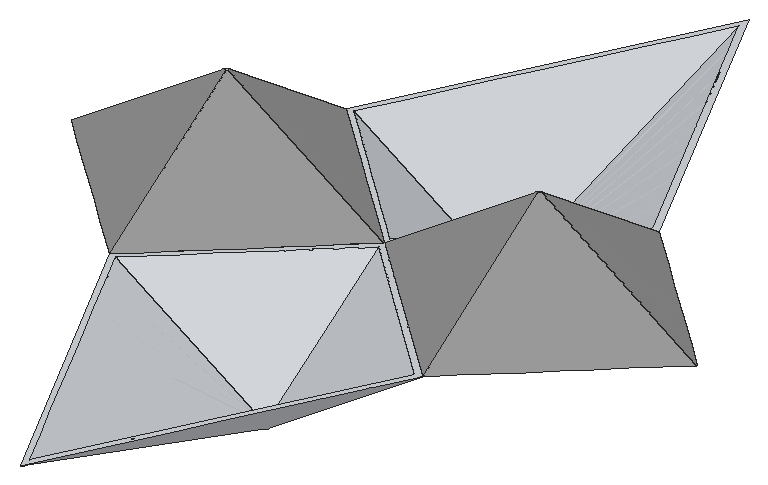
Revit family "CLD-FCT-016_KITE_RTV", category Modelos genéricos, Revit 2022 (continued)
Forms (in)
  Extrusion 209, solid, not visible
    sketch origin (0, 48, 0) x (0, 1, 0) y (0, 0, 1)
      loop
        line (0.42221, 1.66259) -> (0.42231, 0.67354)
        arc (0.42231, 0.67354) -> (0.41009, 0.64403) -> (0.38057, 0.6318) r 0.04174
        line (0.38057, 0.6318) -> (-0.00639, 0.6318) -> (-0.00639, 0.59057) -> (0.8874, 0.59057) -> (0.8874, 0.6318) -> (0.49998, 0.6318)
        arc (0.49998, 0.6318) -> (0.47046, 0.64403) -> (0.45824, 0.67354) r 0.04174
        line (0.45824, 0.67354) -> (0.45834, 1.66259)
        arc (0.45834, 1.66259) -> (0.46543, 1.67969) -> (0.48252, 1.68677) r 0.02418
        line (0.48252, 1.68677) -> (0.52252, 1.68677)
        arc (0.52252, 1.68677) -> (0.55303, 1.69941) -> (0.56566, 1.72991) r 0.04314
        line (0.56566, 1.72991) -> (0.56566, 2.14095)
        arc (0.56566, 2.14095) -> (0.5626, 2.15637) -> (0.55386, 2.16944) r 0.04029
        line (0.55386, 2.16944) -> (0.47053, 2.25277)
        arc (0.47053, 2.25277) -> (0.44027, 2.2653) -> (0.41002, 2.25277) r 0.04279
        line (0.41002, 2.25277) -> (0.32669, 2.16944)
        arc (0.32669, 2.16944) -> (0.31795, 2.15637) -> (0.31489, 2.14095) r 0.04029
        line (0.31489, 2.14095) -> (0.31489, 1.72991)
        arc (0.31489, 1.72991) -> (0.32752, 1.69941) -> (0.35803, 1.68677) r 0.04314
        line (0.35803, 1.68677) -> (0.39803, 1.68677)
        arc (0.39803, 1.68677) -> (0.41512, 1.67969) -> (0.42221, 1.66259) r 0.02418
      loop
        arc (0.33294, 1.7291) -> (0.34005, 1.71194) -> (0.35722, 1.70483) r 0.02428
        line (0.35722, 1.70483) -> (0.39815, 1.70483)
        arc (0.39815, 1.70483) -> (0.42797, 1.69248) -> (0.44023, 1.66266) r 0.04217
        arc (0.44023, 1.66266) -> (0.45258, 1.69248) -> (0.4824, 1.70483) r 0.04217
        line (0.4824, 1.70483) -> (0.52333, 1.70483)
        arc (0.52333, 1.70483) -> (0.54049, 1.71194) -> (0.54761, 1.7291) r 0.02428
        line (0.54761, 1.7291) -> (0.54761, 2.15016) -> (0.45704, 2.24072)
        arc (0.45704, 2.24072) -> (0.44027, 2.24767) -> (0.42351, 2.24072) r 0.02371
        line (0.42351, 2.24072) -> (0.33294, 2.15016) -> (0.33294, 1.7291)
    from 0 to 96.9361
  Extrusion 210, solid, not visible
    sketch origin (0, 72, 0) x (0, 1, 0) y (0, 0, 1)
      loop
        line (0.42221, 1.66259) -> (0.42231, 0.67354)
        arc (0.42231, 0.67354) -> (0.41009, 0.64403) -> (0.38057, 0.6318) r 0.04174
        line (0.38057, 0.6318) -> (-0.00639, 0.6318) -> (-0.00639, 0.59057) -> (0.8874, 0.59057) -> (0.8874, 0.6318) -> (0.49998, 0.6318)
        arc (0.49998, 0.6318) -> (0.47046, 0.64403) -> (0.45824, 0.67354) r 0.04174
        line (0.45824, 0.67354) -> (0.45834, 1.66259)
        arc (0.45834, 1.66259) -> (0.46543, 1.67969) -> (0.48252, 1.68677) r 0.02418
        line (0.48252, 1.68677) -> (0.52252, 1.68677)
        arc (0.52252, 1.68677) -> (0.55303, 1.69941) -> (0.56566, 1.72991) r 0.04314
        line (0.56566, 1.72991) -> (0.56566, 2.14095)
        arc (0.56566, 2.14095) -> (0.5626, 2.15637) -> (0.55386, 2.16944) r 0.04029
        line (0.55386, 2.16944) -> (0.47053, 2.25277)
        arc (0.47053, 2.25277) -> (0.44027, 2.2653) -> (0.41002, 2.25277) r 0.04279
        line (0.41002, 2.25277) -> (0.32669, 2.16944)
        arc (0.32669, 2.16944) -> (0.31795, 2.15637) -> (0.31489, 2.14095) r 0.04029
        line (0.31489, 2.14095) -> (0.31489, 1.72991)
        arc (0.31489, 1.72991) -> (0.32752, 1.69941) -> (0.35803, 1.68677) r 0.04314
        line (0.35803, 1.68677) -> (0.39803, 1.68677)
        arc (0.39803, 1.68677) -> (0.41512, 1.67969) -> (0.42221, 1.66259) r 0.02418
      loop
        arc (0.33294, 1.7291) -> (0.34005, 1.71194) -> (0.35722, 1.70483) r 0.02428
        line (0.35722, 1.70483) -> (0.39815, 1.70483)
        arc (0.39815, 1.70483) -> (0.42797, 1.69248) -> (0.44023, 1.66266) r 0.04217
        arc (0.44023, 1.66266) -> (0.45258, 1.69248) -> (0.4824, 1.70483) r 0.04217
        line (0.4824, 1.70483) -> (0.52333, 1.70483)
        arc (0.52333, 1.70483) -> (0.54049, 1.71194) -> (0.54761, 1.7291) r 0.02428
        line (0.54761, 1.7291) -> (0.54761, 2.15016) -> (0.45704, 2.24072)
        arc (0.45704, 2.24072) -> (0.44027, 2.24767) -> (0.42351, 2.24072) r 0.02371
        line (0.42351, 2.24072) -> (0.33294, 2.15016) -> (0.33294, 1.7291)
    from 0 to 96.9361
  Extrusion 211, solid, not visible
    sketch origin (0, 96, 0) x (0, 1, 0) y (0, 0, 1)
      loop
        line (0.42221, 1.66259) -> (0.42231, 0.67354)
        arc (0.42231, 0.67354) -> (0.41009, 0.64403) -> (0.38057, 0.6318) r 0.04174
        line (0.38057, 0.6318) -> (-0.00639, 0.6318) -> (-0.00639, 0.59057) -> (0.8874, 0.59057) -> (0.8874, 0.6318) -> (0.49998, 0.6318)
        arc (0.49998, 0.6318) -> (0.47046, 0.64403) -> (0.45824, 0.67354) r 0.04174
        line (0.45824, 0.67354) -> (0.45834, 1.66259)
        arc (0.45834, 1.66259) -> (0.46543, 1.67969) -> (0.48252, 1.68677) r 0.02418
        line (0.48252, 1.68677) -> (0.52252, 1.68677)
        arc (0.52252, 1.68677) -> (0.55303, 1.69941) -> (0.56566, 1.72991) r 0.04314
        line (0.56566, 1.72991) -> (0.56566, 2.14095)
        arc (0.56566, 2.14095) -> (0.5626, 2.15637) -> (0.55386, 2.16944) r 0.04029
        line (0.55386, 2.16944) -> (0.47053, 2.25277)
        arc (0.47053, 2.25277) -> (0.44027, 2.2653) -> (0.41002, 2.25277) r 0.04279
        line (0.41002, 2.25277) -> (0.32669, 2.16944)
        arc (0.32669, 2.16944) -> (0.31795, 2.15637) -> (0.31489, 2.14095) r 0.04029
        line (0.31489, 2.14095) -> (0.31489, 1.72991)
        arc (0.31489, 1.72991) -> (0.32752, 1.69941) -> (0.35803, 1.68677) r 0.04314
        line (0.35803, 1.68677) -> (0.39803, 1.68677)
        arc (0.39803, 1.68677) -> (0.41512, 1.67969) -> (0.42221, 1.66259) r 0.02418
      loop
        arc (0.33294, 1.7291) -> (0.34005, 1.71194) -> (0.35722, 1.70483) r 0.02428
        line (0.35722, 1.70483) -> (0.39815, 1.70483)
        arc (0.39815, 1.70483) -> (0.42797, 1.69248) -> (0.44023, 1.66266) r 0.04217
        arc (0.44023, 1.66266) -> (0.45258, 1.69248) -> (0.4824, 1.70483) r 0.04217
        line (0.4824, 1.70483) -> (0.52333, 1.70483)
        arc (0.52333, 1.70483) -> (0.54049, 1.71194) -> (0.54761, 1.7291) r 0.02428
        line (0.54761, 1.7291) -> (0.54761, 2.15016) -> (0.45704, 2.24072)
        arc (0.45704, 2.24072) -> (0.44027, 2.24767) -> (0.42351, 2.24072) r 0.02371
        line (0.42351, 2.24072) -> (0.33294, 2.15016) -> (0.33294, 1.7291)
    from 0 to 96.9361
  Extrusion 212, solid, not visible
    sketch origin (48.02754, 154.90856, 0) x (1, 0, 0) y (0, 0, 1)
      loop
        line (0.42221, 1.66259) -> (0.42231, 0.67354)
        arc (0.42231, 0.67354) -> (0.41009, 0.64403) -> (0.38057, 0.6318) r 0.04174
        line (0.38057, 0.6318) -> (-0.00639, 0.6318) -> (-0.00639, 0.59057) -> (0.8874, 0.59057) -> (0.8874, 0.6318) -> (0.49998, 0.6318)
        arc (0.49998, 0.6318) -> (0.47046, 0.64403) -> (0.45824, 0.67354) r 0.04174
        line (0.45824, 0.67354) -> (0.45834, 1.66259)
        arc (0.45834, 1.66259) -> (0.46543, 1.67969) -> (0.48252, 1.68677) r 0.02418
        line (0.48252, 1.68677) -> (0.52252, 1.68677)
        arc (0.52252, 1.68677) -> (0.55303, 1.69941) -> (0.56566, 1.72991) r 0.04314
        line (0.56566, 1.72991) -> (0.56566, 2.14095)
        arc (0.56566, 2.14095) -> (0.5626, 2.15637) -> (0.55386, 2.16944) r 0.04029
        line (0.55386, 2.16944) -> (0.47053, 2.25277)
        arc (0.47053, 2.25277) -> (0.44027, 2.2653) -> (0.41002, 2.25277) r 0.04279
        line (0.41002, 2.25277) -> (0.32669, 2.16944)
        arc (0.32669, 2.16944) -> (0.31795, 2.15637) -> (0.31489, 2.14095) r 0.04029
        line (0.31489, 2.14095) -> (0.31489, 1.72991)
        arc (0.31489, 1.72991) -> (0.32752, 1.69941) -> (0.35803, 1.68677) r 0.04314
        line (0.35803, 1.68677) -> (0.39803, 1.68677)
        arc (0.39803, 1.68677) -> (0.41512, 1.67969) -> (0.42221, 1.66259) r 0.02418
      loop
        arc (0.33294, 1.7291) -> (0.34005, 1.71194) -> (0.35722, 1.70483) r 0.02428
        line (0.35722, 1.70483) -> (0.39815, 1.70483)
        arc (0.39815, 1.70483) -> (0.42797, 1.69248) -> (0.44023, 1.66266) r 0.04217
        arc (0.44023, 1.66266) -> (0.45258, 1.69248) -> (0.4824, 1.70483) r 0.04217
        line (0.4824, 1.70483) -> (0.52333, 1.70483)
        arc (0.52333, 1.70483) -> (0.54049, 1.71194) -> (0.54761, 1.7291) r 0.02428
        line (0.54761, 1.7291) -> (0.54761, 2.15016) -> (0.45704, 2.24072)
        arc (0.45704, 2.24072) -> (0.44027, 2.24767) -> (0.42351, 2.24072) r 0.02371
        line (0.42351, 2.24072) -> (0.33294, 2.15016) -> (0.33294, 1.7291)
    from 58.93614 to 81.99864
  Extrusion 213, solid, not visible
    sketch origin (72.02767, 154.90856, 0) x (1, 0, 0) y (0, 0, 1)
      loop
        line (0.42221, 1.66259) -> (0.42231, 0.67354)
        arc (0.42231, 0.67354) -> (0.41009, 0.64403) -> (0.38057, 0.6318) r 0.04174
        line (0.38057, 0.6318) -> (-0.00639, 0.6318) -> (-0.00639, 0.59057) -> (0.8874, 0.59057) -> (0.8874, 0.6318) -> (0.49998, 0.6318)
        arc (0.49998, 0.6318) -> (0.47046, 0.64403) -> (0.45824, 0.67354) r 0.04174
        line (0.45824, 0.67354) -> (0.45834, 1.66259)
        arc (0.45834, 1.66259) -> (0.46543, 1.67969) -> (0.48252, 1.68677) r 0.02418
        line (0.48252, 1.68677) -> (0.52252, 1.68677)
        arc (0.52252, 1.68677) -> (0.55303, 1.69941) -> (0.56566, 1.72991) r 0.04314
        line (0.56566, 1.72991) -> (0.56566, 2.14095)
        arc (0.56566, 2.14095) -> (0.5626, 2.15637) -> (0.55386, 2.16944) r 0.04029
        line (0.55386, 2.16944) -> (0.47053, 2.25277)
        arc (0.47053, 2.25277) -> (0.44027, 2.2653) -> (0.41002, 2.25277) r 0.04279
        line (0.41002, 2.25277) -> (0.32669, 2.16944)
        arc (0.32669, 2.16944) -> (0.31795, 2.15637) -> (0.31489, 2.14095) r 0.04029
        line (0.31489, 2.14095) -> (0.31489, 1.72991)
        arc (0.31489, 1.72991) -> (0.32752, 1.69941) -> (0.35803, 1.68677) r 0.04314
        line (0.35803, 1.68677) -> (0.39803, 1.68677)
        arc (0.39803, 1.68677) -> (0.41512, 1.67969) -> (0.42221, 1.66259) r 0.02418
      loop
        arc (0.33294, 1.7291) -> (0.34005, 1.71194) -> (0.35722, 1.70483) r 0.02428
        line (0.35722, 1.70483) -> (0.39815, 1.70483)
        arc (0.39815, 1.70483) -> (0.42797, 1.69248) -> (0.44023, 1.66266) r 0.04217
        arc (0.44023, 1.66266) -> (0.45258, 1.69248) -> (0.4824, 1.70483) r 0.04217
        line (0.4824, 1.70483) -> (0.52333, 1.70483)
        arc (0.52333, 1.70483) -> (0.54049, 1.71194) -> (0.54761, 1.7291) r 0.02428
        line (0.54761, 1.7291) -> (0.54761, 2.15016) -> (0.45704, 2.24072)
        arc (0.45704, 2.24072) -> (0.44027, 2.24767) -> (0.42351, 2.24072) r 0.02371
        line (0.42351, 2.24072) -> (0.33294, 2.15016) -> (0.33294, 1.7291)
    from 58.93614 to 81.99864
  Extrusion 214, solid, not visible
    sketch origin (96.02767, 154.90856, 0) x (1, 0, 0) y (0, 0, 1)
      loop
        line (0.42221, 1.66259) -> (0.42231, 0.67354)
        arc (0.42231, 0.67354) -> (0.41009, 0.64403) -> (0.38057, 0.6318) r 0.04174
        line (0.38057, 0.6318) -> (-0.00639, 0.6318) -> (-0.00639, 0.59057) -> (0.8874, 0.59057) -> (0.8874, 0.6318) -> (0.49998, 0.6318)
        arc (0.49998, 0.6318) -> (0.47046, 0.64403) -> (0.45824, 0.67354) r 0.04174
        line (0.45824, 0.67354) -> (0.45834, 1.66259)
        arc (0.45834, 1.66259) -> (0.46543, 1.67969) -> (0.48252, 1.68677) r 0.02418
        line (0.48252, 1.68677) -> (0.52252, 1.68677)
        arc (0.52252, 1.68677) -> (0.55303, 1.69941) -> (0.56566, 1.72991) r 0.04314
        line (0.56566, 1.72991) -> (0.56566, 2.14095)
        arc (0.56566, 2.14095) -> (0.5626, 2.15637) -> (0.55386, 2.16944) r 0.04029
        line (0.55386, 2.16944) -> (0.47053, 2.25277)
        arc (0.47053, 2.25277) -> (0.44027, 2.2653) -> (0.41002, 2.25277) r 0.04279
        line (0.41002, 2.25277) -> (0.32669, 2.16944)
        arc (0.32669, 2.16944) -> (0.31795, 2.15637) -> (0.31489, 2.14095) r 0.04029
        line (0.31489, 2.14095) -> (0.31489, 1.72991)
        arc (0.31489, 1.72991) -> (0.32752, 1.69941) -> (0.35803, 1.68677) r 0.04314
        line (0.35803, 1.68677) -> (0.39803, 1.68677)
        arc (0.39803, 1.68677) -> (0.41512, 1.67969) -> (0.42221, 1.66259) r 0.02418
      loop
        arc (0.33294, 1.7291) -> (0.34005, 1.71194) -> (0.35722, 1.70483) r 0.02428
        line (0.35722, 1.70483) -> (0.39815, 1.70483)
        arc (0.39815, 1.70483) -> (0.42797, 1.69248) -> (0.44023, 1.66266) r 0.04217
        arc (0.44023, 1.66266) -> (0.45258, 1.69248) -> (0.4824, 1.70483) r 0.04217
        line (0.4824, 1.70483) -> (0.52333, 1.70483)
        arc (0.52333, 1.70483) -> (0.54049, 1.71194) -> (0.54761, 1.7291) r 0.02428
        line (0.54761, 1.7291) -> (0.54761, 2.15016) -> (0.45704, 2.24072)
        arc (0.45704, 2.24072) -> (0.44027, 2.24767) -> (0.42351, 2.24072) r 0.02371
        line (0.42351, 2.24072) -> (0.33294, 2.15016) -> (0.33294, 1.7291)
    from 58.93614 to 81.99864
  Extrusion 215, solid, not visible
    sketch origin (24.02767, 154.90856, 0) x (1, 0, 0) y (0, 0, 1)
      loop
        line (0.42221, 1.66259) -> (0.42231, 0.67354)
        arc (0.42231, 0.67354) -> (0.41009, 0.64403) -> (0.38057, 0.6318) r 0.04174
        line (0.38057, 0.6318) -> (-0.00639, 0.6318) -> (-0.00639, 0.59057) -> (0.8874, 0.59057) -> (0.8874, 0.6318) -> (0.49998, 0.6318)
        arc (0.49998, 0.6318) -> (0.47046, 0.64403) -> (0.45824, 0.67354) r 0.04174
        line (0.45824, 0.67354) -> (0.45834, 1.66259)
        arc (0.45834, 1.66259) -> (0.46543, 1.67969) -> (0.48252, 1.68677) r 0.02418
        line (0.48252, 1.68677) -> (0.52252, 1.68677)
        arc (0.52252, 1.68677) -> (0.55303, 1.69941) -> (0.56566, 1.72991) r 0.04314
        line (0.56566, 1.72991) -> (0.56566, 2.14095)
        arc (0.56566, 2.14095) -> (0.5626, 2.15637) -> (0.55386, 2.16944) r 0.04029
        line (0.55386, 2.16944) -> (0.47053, 2.25277)
        arc (0.47053, 2.25277) -> (0.44027, 2.2653) -> (0.41002, 2.25277) r 0.04279
        line (0.41002, 2.25277) -> (0.32669, 2.16944)
        arc (0.32669, 2.16944) -> (0.31795, 2.15637) -> (0.31489, 2.14095) r 0.04029
        line (0.31489, 2.14095) -> (0.31489, 1.72991)
        arc (0.31489, 1.72991) -> (0.32752, 1.69941) -> (0.35803, 1.68677) r 0.04314
        line (0.35803, 1.68677) -> (0.39803, 1.68677)
        arc (0.39803, 1.68677) -> (0.41512, 1.67969) -> (0.42221, 1.66259) r 0.02418
      loop
        arc (0.33294, 1.7291) -> (0.34005, 1.71194) -> (0.35722, 1.70483) r 0.02428
        line (0.35722, 1.70483) -> (0.39815, 1.70483)
        arc (0.39815, 1.70483) -> (0.42797, 1.69248) -> (0.44023, 1.66266) r 0.04217
        arc (0.44023, 1.66266) -> (0.45258, 1.69248) -> (0.4824, 1.70483) r 0.04217
        line (0.4824, 1.70483) -> (0.52333, 1.70483)
        arc (0.52333, 1.70483) -> (0.54049, 1.71194) -> (0.54761, 1.7291) r 0.02428
        line (0.54761, 1.7291) -> (0.54761, 2.15016) -> (0.45704, 2.24072)
        arc (0.45704, 2.24072) -> (0.44027, 2.24767) -> (0.42351, 2.24072) r 0.02371
        line (0.42351, 2.24072) -> (0.33294, 2.15016) -> (0.33294, 1.7291)
    from 58.93614 to 81.99864
  Extrusion 216, solid, not visible
    sketch origin (0.02767, 154.90856, 0) x (1, 0, 0) y (0, 0, 1)
      loop
        line (0.42221, 1.66259) -> (0.42231, 0.67354)
        arc (0.42231, 0.67354) -> (0.41009, 0.64403) -> (0.38057, 0.6318) r 0.04174
        line (0.38057, 0.6318) -> (-0.00639, 0.6318) -> (-0.00639, 0.59057) -> (0.8874, 0.59057) -> (0.8874, 0.6318) -> (0.49998, 0.6318)
        arc (0.49998, 0.6318) -> (0.47046, 0.64403) -> (0.45824, 0.67354) r 0.04174
        line (0.45824, 0.67354) -> (0.45834, 1.66259)
        arc (0.45834, 1.66259) -> (0.46543, 1.67969) -> (0.48252, 1.68677) r 0.02418
        line (0.48252, 1.68677) -> (0.52252, 1.68677)
        arc (0.52252, 1.68677) -> (0.55303, 1.69941) -> (0.56566, 1.72991) r 0.04314
        line (0.56566, 1.72991) -> (0.56566, 2.14095)
        arc (0.56566, 2.14095) -> (0.5626, 2.15637) -> (0.55386, 2.16944) r 0.04029
        line (0.55386, 2.16944) -> (0.47053, 2.25277)
        arc (0.47053, 2.25277) -> (0.44027, 2.2653) -> (0.41002, 2.25277) r 0.04279
        line (0.41002, 2.25277) -> (0.32669, 2.16944)
        arc (0.32669, 2.16944) -> (0.31795, 2.15637) -> (0.31489, 2.14095) r 0.04029
        line (0.31489, 2.14095) -> (0.31489, 1.72991)
        arc (0.31489, 1.72991) -> (0.32752, 1.69941) -> (0.35803, 1.68677) r 0.04314
        line (0.35803, 1.68677) -> (0.39803, 1.68677)
        arc (0.39803, 1.68677) -> (0.41512, 1.67969) -> (0.42221, 1.66259) r 0.02418
      loop
        arc (0.33294, 1.7291) -> (0.34005, 1.71194) -> (0.35722, 1.70483) r 0.02428
        line (0.35722, 1.70483) -> (0.39815, 1.70483)
        arc (0.39815, 1.70483) -> (0.42797, 1.69248) -> (0.44023, 1.66266) r 0.04217
        arc (0.44023, 1.66266) -> (0.45258, 1.69248) -> (0.4824, 1.70483) r 0.04217
        line (0.4824, 1.70483) -> (0.52333, 1.70483)
        arc (0.52333, 1.70483) -> (0.54049, 1.71194) -> (0.54761, 1.7291) r 0.02428
        line (0.54761, 1.7291) -> (0.54761, 2.15016) -> (0.45704, 2.24072)
        arc (0.45704, 2.24072) -> (0.44027, 2.24767) -> (0.42351, 2.24072) r 0.02371
        line (0.42351, 2.24072) -> (0.33294, 2.15016) -> (0.33294, 1.7291)
    from 58.93614 to 81.99864
  Extrusion 217, solid, not visible
    sketch origin (48.02754, 130.90855, 0) x (1, 0, 0) y (0, 0, 1)
      loop
        line (0.42221, 1.66259) -> (0.42231, 0.67354)
        arc (0.42231, 0.67354) -> (0.41009, 0.64403) -> (0.38057, 0.6318) r 0.04174
        line (0.38057, 0.6318) -> (-0.00639, 0.6318) -> (-0.00639, 0.59057) -> (0.8874, 0.59057) -> (0.8874, 0.6318) -> (0.49998, 0.6318)
        arc (0.49998, 0.6318) -> (0.47046, 0.64403) -> (0.45824, 0.67354) r 0.04174
        line (0.45824, 0.67354) -> (0.45834, 1.66259)
        arc (0.45834, 1.66259) -> (0.46543, 1.67969) -> (0.48252, 1.68677) r 0.02418
        line (0.48252, 1.68677) -> (0.52252, 1.68677)
        arc (0.52252, 1.68677) -> (0.55303, 1.69941) -> (0.56566, 1.72991) r 0.04314
        line (0.56566, 1.72991) -> (0.56566, 2.14095)
        arc (0.56566, 2.14095) -> (0.5626, 2.15637) -> (0.55386, 2.16944) r 0.04029
        line (0.55386, 2.16944) -> (0.47053, 2.25277)
        arc (0.47053, 2.25277) -> (0.44027, 2.2653) -> (0.41002, 2.25277) r 0.04279
        line (0.41002, 2.25277) -> (0.32669, 2.16944)
        arc (0.32669, 2.16944) -> (0.31795, 2.15637) -> (0.31489, 2.14095) r 0.04029
        line (0.31489, 2.14095) -> (0.31489, 1.72991)
        arc (0.31489, 1.72991) -> (0.32752, 1.69941) -> (0.35803, 1.68677) r 0.04314
        line (0.35803, 1.68677) -> (0.39803, 1.68677)
        arc (0.39803, 1.68677) -> (0.41512, 1.67969) -> (0.42221, 1.66259) r 0.02418
      loop
        arc (0.33294, 1.7291) -> (0.34005, 1.71194) -> (0.35722, 1.70483) r 0.02428
        line (0.35722, 1.70483) -> (0.39815, 1.70483)
        arc (0.39815, 1.70483) -> (0.42797, 1.69248) -> (0.44023, 1.66266) r 0.04217
        arc (0.44023, 1.66266) -> (0.45258, 1.69248) -> (0.4824, 1.70483) r 0.04217
        line (0.4824, 1.70483) -> (0.52333, 1.70483)
        arc (0.52333, 1.70483) -> (0.54049, 1.71194) -> (0.54761, 1.7291) r 0.02428
        line (0.54761, 1.7291) -> (0.54761, 2.15016) -> (0.45704, 2.24072)
        arc (0.45704, 2.24072) -> (0.44027, 2.24767) -> (0.42351, 2.24072) r 0.02371
        line (0.42351, 2.24072) -> (0.33294, 2.15016) -> (0.33294, 1.7291)
    from 58.93614 to 81.99864
  Extrusion 218, solid, not visible
    sketch origin (72.02767, 130.90855, 0) x (1, 0, 0) y (0, 0, 1)
      loop
        line (0.42221, 1.66259) -> (0.42231, 0.67354)
        arc (0.42231, 0.67354) -> (0.41009, 0.64403) -> (0.38057, 0.6318) r 0.04174
        line (0.38057, 0.6318) -> (-0.00639, 0.6318) -> (-0.00639, 0.59057) -> (0.8874, 0.59057) -> (0.8874, 0.6318) -> (0.49998, 0.6318)
        arc (0.49998, 0.6318) -> (0.47046, 0.64403) -> (0.45824, 0.67354) r 0.04174
        line (0.45824, 0.67354) -> (0.45834, 1.66259)
        arc (0.45834, 1.66259) -> (0.46543, 1.67969) -> (0.48252, 1.68677) r 0.02418
        line (0.48252, 1.68677) -> (0.52252, 1.68677)
        arc (0.52252, 1.68677) -> (0.55303, 1.69941) -> (0.56566, 1.72991) r 0.04314
        line (0.56566, 1.72991) -> (0.56566, 2.14095)
        arc (0.56566, 2.14095) -> (0.5626, 2.15637) -> (0.55386, 2.16944) r 0.04029
        line (0.55386, 2.16944) -> (0.47053, 2.25277)
        arc (0.47053, 2.25277) -> (0.44027, 2.2653) -> (0.41002, 2.25277) r 0.04279
        line (0.41002, 2.25277) -> (0.32669, 2.16944)
        arc (0.32669, 2.16944) -> (0.31795, 2.15637) -> (0.31489, 2.14095) r 0.04029
        line (0.31489, 2.14095) -> (0.31489, 1.72991)
        arc (0.31489, 1.72991) -> (0.32752, 1.69941) -> (0.35803, 1.68677) r 0.04314
        line (0.35803, 1.68677) -> (0.39803, 1.68677)
        arc (0.39803, 1.68677) -> (0.41512, 1.67969) -> (0.42221, 1.66259) r 0.02418
      loop
        arc (0.33294, 1.7291) -> (0.34005, 1.71194) -> (0.35722, 1.70483) r 0.02428
        line (0.35722, 1.70483) -> (0.39815, 1.70483)
        arc (0.39815, 1.70483) -> (0.42797, 1.69248) -> (0.44023, 1.66266) r 0.04217
        arc (0.44023, 1.66266) -> (0.45258, 1.69248) -> (0.4824, 1.70483) r 0.04217
        line (0.4824, 1.70483) -> (0.52333, 1.70483)
        arc (0.52333, 1.70483) -> (0.54049, 1.71194) -> (0.54761, 1.7291) r 0.02428
        line (0.54761, 1.7291) -> (0.54761, 2.15016) -> (0.45704, 2.24072)
        arc (0.45704, 2.24072) -> (0.44027, 2.24767) -> (0.42351, 2.24072) r 0.02371
        line (0.42351, 2.24072) -> (0.33294, 2.15016) -> (0.33294, 1.7291)
    from 58.93614 to 81.99864
  Extrusion 219, solid, not visible
    sketch origin (96.02767, 130.90855, 0) x (1, 0, 0) y (0, 0, 1)
      loop
        line (0.42221, 1.66259) -> (0.42231, 0.67354)
        arc (0.42231, 0.67354) -> (0.41009, 0.64403) -> (0.38057, 0.6318) r 0.04174
        line (0.38057, 0.6318) -> (-0.00639, 0.6318) -> (-0.00639, 0.59057) -> (0.8874, 0.59057) -> (0.8874, 0.6318) -> (0.49998, 0.6318)
        arc (0.49998, 0.6318) -> (0.47046, 0.64403) -> (0.45824, 0.67354) r 0.04174
        line (0.45824, 0.67354) -> (0.45834, 1.66259)
        arc (0.45834, 1.66259) -> (0.46543, 1.67969) -> (0.48252, 1.68677) r 0.02418
        line (0.48252, 1.68677) -> (0.52252, 1.68677)
        arc (0.52252, 1.68677) -> (0.55303, 1.69941) -> (0.56566, 1.72991) r 0.04314
        line (0.56566, 1.72991) -> (0.56566, 2.14095)
        arc (0.56566, 2.14095) -> (0.5626, 2.15637) -> (0.55386, 2.16944) r 0.04029
        line (0.55386, 2.16944) -> (0.47053, 2.25277)
        arc (0.47053, 2.25277) -> (0.44027, 2.2653) -> (0.41002, 2.25277) r 0.04279
        line (0.41002, 2.25277) -> (0.32669, 2.16944)
        arc (0.32669, 2.16944) -> (0.31795, 2.15637) -> (0.31489, 2.14095) r 0.04029
        line (0.31489, 2.14095) -> (0.31489, 1.72991)
        arc (0.31489, 1.72991) -> (0.32752, 1.69941) -> (0.35803, 1.68677) r 0.04314
        line (0.35803, 1.68677) -> (0.39803, 1.68677)
        arc (0.39803, 1.68677) -> (0.41512, 1.67969) -> (0.42221, 1.66259) r 0.02418
      loop
        arc (0.33294, 1.7291) -> (0.34005, 1.71194) -> (0.35722, 1.70483) r 0.02428
        line (0.35722, 1.70483) -> (0.39815, 1.70483)
        arc (0.39815, 1.70483) -> (0.42797, 1.69248) -> (0.44023, 1.66266) r 0.04217
        arc (0.44023, 1.66266) -> (0.45258, 1.69248) -> (0.4824, 1.70483) r 0.04217
        line (0.4824, 1.70483) -> (0.52333, 1.70483)
        arc (0.52333, 1.70483) -> (0.54049, 1.71194) -> (0.54761, 1.7291) r 0.02428
        line (0.54761, 1.7291) -> (0.54761, 2.15016) -> (0.45704, 2.24072)
        arc (0.45704, 2.24072) -> (0.44027, 2.24767) -> (0.42351, 2.24072) r 0.02371
        line (0.42351, 2.24072) -> (0.33294, 2.15016) -> (0.33294, 1.7291)
    from 58.93614 to 81.99864
  Extrusion 220, solid, not visible
    sketch origin (24.02767, 130.90855, 0) x (1, 0, 0) y (0, 0, 1)
      loop
        line (0.42221, 1.66259) -> (0.42231, 0.67354)
        arc (0.42231, 0.67354) -> (0.41009, 0.64403) -> (0.38057, 0.6318) r 0.04174
        line (0.38057, 0.6318) -> (-0.00639, 0.6318) -> (-0.00639, 0.59057) -> (0.8874, 0.59057) -> (0.8874, 0.6318) -> (0.49998, 0.6318)
        arc (0.49998, 0.6318) -> (0.47046, 0.64403) -> (0.45824, 0.67354) r 0.04174
        line (0.45824, 0.67354) -> (0.45834, 1.66259)
        arc (0.45834, 1.66259) -> (0.46543, 1.67969) -> (0.48252, 1.68677) r 0.02418
        line (0.48252, 1.68677) -> (0.52252, 1.68677)
        arc (0.52252, 1.68677) -> (0.55303, 1.69941) -> (0.56566, 1.72991) r 0.04314
        line (0.56566, 1.72991) -> (0.56566, 2.14095)
        arc (0.56566, 2.14095) -> (0.5626, 2.15637) -> (0.55386, 2.16944) r 0.04029
        line (0.55386, 2.16944) -> (0.47053, 2.25277)
        arc (0.47053, 2.25277) -> (0.44027, 2.2653) -> (0.41002, 2.25277) r 0.04279
        line (0.41002, 2.25277) -> (0.32669, 2.16944)
        arc (0.32669, 2.16944) -> (0.31795, 2.15637) -> (0.31489, 2.14095) r 0.04029
        line (0.31489, 2.14095) -> (0.31489, 1.72991)
        arc (0.31489, 1.72991) -> (0.32752, 1.69941) -> (0.35803, 1.68677) r 0.04314
        line (0.35803, 1.68677) -> (0.39803, 1.68677)
        arc (0.39803, 1.68677) -> (0.41512, 1.67969) -> (0.42221, 1.66259) r 0.02418
      loop
        arc (0.33294, 1.7291) -> (0.34005, 1.71194) -> (0.35722, 1.70483) r 0.02428
        line (0.35722, 1.70483) -> (0.39815, 1.70483)
        arc (0.39815, 1.70483) -> (0.42797, 1.69248) -> (0.44023, 1.66266) r 0.04217
        arc (0.44023, 1.66266) -> (0.45258, 1.69248) -> (0.4824, 1.70483) r 0.04217
        line (0.4824, 1.70483) -> (0.52333, 1.70483)
        arc (0.52333, 1.70483) -> (0.54049, 1.71194) -> (0.54761, 1.7291) r 0.02428
        line (0.54761, 1.7291) -> (0.54761, 2.15016) -> (0.45704, 2.24072)
        arc (0.45704, 2.24072) -> (0.44027, 2.24767) -> (0.42351, 2.24072) r 0.02371
        line (0.42351, 2.24072) -> (0.33294, 2.15016) -> (0.33294, 1.7291)
    from 58.93614 to 81.99864
  Extrusion 221, solid, not visible
    sketch origin (0.02767, 130.90855, 0) x (1, 0, 0) y (0, 0, 1)
      loop
        line (0.42221, 1.66259) -> (0.42231, 0.67354)
        arc (0.42231, 0.67354) -> (0.41009, 0.64403) -> (0.38057, 0.6318) r 0.04174
        line (0.38057, 0.6318) -> (-0.00639, 0.6318) -> (-0.00639, 0.59057) -> (0.8874, 0.59057) -> (0.8874, 0.6318) -> (0.49998, 0.6318)
        arc (0.49998, 0.6318) -> (0.47046, 0.64403) -> (0.45824, 0.67354) r 0.04174
        line (0.45824, 0.67354) -> (0.45834, 1.66259)
        arc (0.45834, 1.66259) -> (0.46543, 1.67969) -> (0.48252, 1.68677) r 0.02418
        line (0.48252, 1.68677) -> (0.52252, 1.68677)
        arc (0.52252, 1.68677) -> (0.55303, 1.69941) -> (0.56566, 1.72991) r 0.04314
        line (0.56566, 1.72991) -> (0.56566, 2.14095)
        arc (0.56566, 2.14095) -> (0.5626, 2.15637) -> (0.55386, 2.16944) r 0.04029
        line (0.55386, 2.16944) -> (0.47053, 2.25277)
        arc (0.47053, 2.25277) -> (0.44027, 2.2653) -> (0.41002, 2.25277) r 0.04279
        line (0.41002, 2.25277) -> (0.32669, 2.16944)
        arc (0.32669, 2.16944) -> (0.31795, 2.15637) -> (0.31489, 2.14095) r 0.04029
        line (0.31489, 2.14095) -> (0.31489, 1.72991)
        arc (0.31489, 1.72991) -> (0.32752, 1.69941) -> (0.35803, 1.68677) r 0.04314
        line (0.35803, 1.68677) -> (0.39803, 1.68677)
        arc (0.39803, 1.68677) -> (0.41512, 1.67969) -> (0.42221, 1.66259) r 0.02418
      loop
        arc (0.33294, 1.7291) -> (0.34005, 1.71194) -> (0.35722, 1.70483) r 0.02428
        line (0.35722, 1.70483) -> (0.39815, 1.70483)
        arc (0.39815, 1.70483) -> (0.42797, 1.69248) -> (0.44023, 1.66266) r 0.04217
        arc (0.44023, 1.66266) -> (0.45258, 1.69248) -> (0.4824, 1.70483) r 0.04217
        line (0.4824, 1.70483) -> (0.52333, 1.70483)
        arc (0.52333, 1.70483) -> (0.54049, 1.71194) -> (0.54761, 1.7291) r 0.02428
        line (0.54761, 1.7291) -> (0.54761, 2.15016) -> (0.45704, 2.24072)
        arc (0.45704, 2.24072) -> (0.44027, 2.24767) -> (0.42351, 2.24072) r 0.02371
        line (0.42351, 2.24072) -> (0.33294, 2.15016) -> (0.33294, 1.7291)
    from 58.93614 to 81.99864
  Extrusion 222, solid, not visible
    sketch origin (48.02754, 106.90856, 0) x (1, 0, 0) y (0, 0, 1)
      loop
        line (0.42221, 1.66259) -> (0.42231, 0.67354)
        arc (0.42231, 0.67354) -> (0.41009, 0.64403) -> (0.38057, 0.6318) r 0.04174
        line (0.38057, 0.6318) -> (-0.00639, 0.6318) -> (-0.00639, 0.59057) -> (0.8874, 0.59057) -> (0.8874, 0.6318) -> (0.49998, 0.6318)
        arc (0.49998, 0.6318) -> (0.47046, 0.64403) -> (0.45824, 0.67354) r 0.04174
        line (0.45824, 0.67354) -> (0.45834, 1.66259)
        arc (0.45834, 1.66259) -> (0.46543, 1.67969) -> (0.48252, 1.68677) r 0.02418
        line (0.48252, 1.68677) -> (0.52252, 1.68677)
        arc (0.52252, 1.68677) -> (0.55303, 1.69941) -> (0.56566, 1.72991) r 0.04314
        line (0.56566, 1.72991) -> (0.56566, 2.14095)
        arc (0.56566, 2.14095) -> (0.5626, 2.15637) -> (0.55386, 2.16944) r 0.04029
        line (0.55386, 2.16944) -> (0.47053, 2.25277)
        arc (0.47053, 2.25277) -> (0.44027, 2.2653) -> (0.41002, 2.25277) r 0.04279
        line (0.41002, 2.25277) -> (0.32669, 2.16944)
        arc (0.32669, 2.16944) -> (0.31795, 2.15637) -> (0.31489, 2.14095) r 0.04029
        line (0.31489, 2.14095) -> (0.31489, 1.72991)
        arc (0.31489, 1.72991) -> (0.32752, 1.69941) -> (0.35803, 1.68677) r 0.04314
        line (0.35803, 1.68677) -> (0.39803, 1.68677)
        arc (0.39803, 1.68677) -> (0.41512, 1.67969) -> (0.42221, 1.66259) r 0.02418
      loop
        arc (0.33294, 1.7291) -> (0.34005, 1.71194) -> (0.35722, 1.70483) r 0.02428
        line (0.35722, 1.70483) -> (0.39815, 1.70483)
        arc (0.39815, 1.70483) -> (0.42797, 1.69248) -> (0.44023, 1.66266) r 0.04217
        arc (0.44023, 1.66266) -> (0.45258, 1.69248) -> (0.4824, 1.70483) r 0.04217
        line (0.4824, 1.70483) -> (0.52333, 1.70483)
        arc (0.52333, 1.70483) -> (0.54049, 1.71194) -> (0.54761, 1.7291) r 0.02428
        line (0.54761, 1.7291) -> (0.54761, 2.15016) -> (0.45704, 2.24072)
        arc (0.45704, 2.24072) -> (0.44027, 2.24767) -> (0.42351, 2.24072) r 0.02371
        line (0.42351, 2.24072) -> (0.33294, 2.15016) -> (0.33294, 1.7291)
    from 58.93614 to 81.99864
  Extrusion 223, solid, not visible
    sketch origin (72.02767, 106.90856, 0) x (1, 0, 0) y (0, 0, 1)
      loop
        line (0.42221, 1.66259) -> (0.42231, 0.67354)
        arc (0.42231, 0.67354) -> (0.41009, 0.64403) -> (0.38057, 0.6318) r 0.04174
        line (0.38057, 0.6318) -> (-0.00639, 0.6318) -> (-0.00639, 0.59057) -> (0.8874, 0.59057) -> (0.8874, 0.6318) -> (0.49998, 0.6318)
        arc (0.49998, 0.6318) -> (0.47046, 0.64403) -> (0.45824, 0.67354) r 0.04174
        line (0.45824, 0.67354) -> (0.45834, 1.66259)
        arc (0.45834, 1.66259) -> (0.46543, 1.67969) -> (0.48252, 1.68677) r 0.02418
        line (0.48252, 1.68677) -> (0.52252, 1.68677)
        arc (0.52252, 1.68677) -> (0.55303, 1.69941) -> (0.56566, 1.72991) r 0.04314
        line (0.56566, 1.72991) -> (0.56566, 2.14095)
        arc (0.56566, 2.14095) -> (0.5626, 2.15637) -> (0.55386, 2.16944) r 0.04029
        line (0.55386, 2.16944) -> (0.47053, 2.25277)
        arc (0.47053, 2.25277) -> (0.44027, 2.2653) -> (0.41002, 2.25277) r 0.04279
        line (0.41002, 2.25277) -> (0.32669, 2.16944)
        arc (0.32669, 2.16944) -> (0.31795, 2.15637) -> (0.31489, 2.14095) r 0.04029
        line (0.31489, 2.14095) -> (0.31489, 1.72991)
        arc (0.31489, 1.72991) -> (0.32752, 1.69941) -> (0.35803, 1.68677) r 0.04314
        line (0.35803, 1.68677) -> (0.39803, 1.68677)
        arc (0.39803, 1.68677) -> (0.41512, 1.67969) -> (0.42221, 1.66259) r 0.02418
      loop
        arc (0.33294, 1.7291) -> (0.34005, 1.71194) -> (0.35722, 1.70483) r 0.02428
        line (0.35722, 1.70483) -> (0.39815, 1.70483)
        arc (0.39815, 1.70483) -> (0.42797, 1.69248) -> (0.44023, 1.66266) r 0.04217
        arc (0.44023, 1.66266) -> (0.45258, 1.69248) -> (0.4824, 1.70483) r 0.04217
        line (0.4824, 1.70483) -> (0.52333, 1.70483)
        arc (0.52333, 1.70483) -> (0.54049, 1.71194) -> (0.54761, 1.7291) r 0.02428
        line (0.54761, 1.7291) -> (0.54761, 2.15016) -> (0.45704, 2.24072)
        arc (0.45704, 2.24072) -> (0.44027, 2.24767) -> (0.42351, 2.24072) r 0.02371
        line (0.42351, 2.24072) -> (0.33294, 2.15016) -> (0.33294, 1.7291)
    from 58.93614 to 81.99864
  Extrusion 224, solid, not visible
    sketch origin (96.02767, 106.90856, 0) x (1, 0, 0) y (0, 0, 1)
      loop
        line (0.42221, 1.66259) -> (0.42231, 0.67354)
        arc (0.42231, 0.67354) -> (0.41009, 0.64403) -> (0.38057, 0.6318) r 0.04174
        line (0.38057, 0.6318) -> (-0.00639, 0.6318) -> (-0.00639, 0.59057) -> (0.8874, 0.59057) -> (0.8874, 0.6318) -> (0.49998, 0.6318)
        arc (0.49998, 0.6318) -> (0.47046, 0.64403) -> (0.45824, 0.67354) r 0.04174
        line (0.45824, 0.67354) -> (0.45834, 1.66259)
        arc (0.45834, 1.66259) -> (0.46543, 1.67969) -> (0.48252, 1.68677) r 0.02418
        line (0.48252, 1.68677) -> (0.52252, 1.68677)
        arc (0.52252, 1.68677) -> (0.55303, 1.69941) -> (0.56566, 1.72991) r 0.04314
        line (0.56566, 1.72991) -> (0.56566, 2.14095)
        arc (0.56566, 2.14095) -> (0.5626, 2.15637) -> (0.55386, 2.16944) r 0.04029
        line (0.55386, 2.16944) -> (0.47053, 2.25277)
        arc (0.47053, 2.25277) -> (0.44027, 2.2653) -> (0.41002, 2.25277) r 0.04279
        line (0.41002, 2.25277) -> (0.32669, 2.16944)
        arc (0.32669, 2.16944) -> (0.31795, 2.15637) -> (0.31489, 2.14095) r 0.04029
        line (0.31489, 2.14095) -> (0.31489, 1.72991)
        arc (0.31489, 1.72991) -> (0.32752, 1.69941) -> (0.35803, 1.68677) r 0.04314
        line (0.35803, 1.68677) -> (0.39803, 1.68677)
        arc (0.39803, 1.68677) -> (0.41512, 1.67969) -> (0.42221, 1.66259) r 0.02418
      loop
        arc (0.33294, 1.7291) -> (0.34005, 1.71194) -> (0.35722, 1.70483) r 0.02428
        line (0.35722, 1.70483) -> (0.39815, 1.70483)
        arc (0.39815, 1.70483) -> (0.42797, 1.69248) -> (0.44023, 1.66266) r 0.04217
        arc (0.44023, 1.66266) -> (0.45258, 1.69248) -> (0.4824, 1.70483) r 0.04217
        line (0.4824, 1.70483) -> (0.52333, 1.70483)
        arc (0.52333, 1.70483) -> (0.54049, 1.71194) -> (0.54761, 1.7291) r 0.02428
        line (0.54761, 1.7291) -> (0.54761, 2.15016) -> (0.45704, 2.24072)
        arc (0.45704, 2.24072) -> (0.44027, 2.24767) -> (0.42351, 2.24072) r 0.02371
        line (0.42351, 2.24072) -> (0.33294, 2.15016) -> (0.33294, 1.7291)
    from 58.93614 to 81.99864
  Extrusion 225, solid, not visible
    sketch origin (24.02767, 106.90856, 0) x (1, 0, 0) y (0, 0, 1)
      loop
        line (0.42221, 1.66259) -> (0.42231, 0.67354)
        arc (0.42231, 0.67354) -> (0.41009, 0.64403) -> (0.38057, 0.6318) r 0.04174
        line (0.38057, 0.6318) -> (-0.00639, 0.6318) -> (-0.00639, 0.59057) -> (0.8874, 0.59057) -> (0.8874, 0.6318) -> (0.49998, 0.6318)
        arc (0.49998, 0.6318) -> (0.47046, 0.64403) -> (0.45824, 0.67354) r 0.04174
        line (0.45824, 0.67354) -> (0.45834, 1.66259)
        arc (0.45834, 1.66259) -> (0.46543, 1.67969) -> (0.48252, 1.68677) r 0.02418
        line (0.48252, 1.68677) -> (0.52252, 1.68677)
        arc (0.52252, 1.68677) -> (0.55303, 1.69941) -> (0.56566, 1.72991) r 0.04314
        line (0.56566, 1.72991) -> (0.56566, 2.14095)
        arc (0.56566, 2.14095) -> (0.5626, 2.15637) -> (0.55386, 2.16944) r 0.04029
        line (0.55386, 2.16944) -> (0.47053, 2.25277)
        arc (0.47053, 2.25277) -> (0.44027, 2.2653) -> (0.41002, 2.25277) r 0.04279
        line (0.41002, 2.25277) -> (0.32669, 2.16944)
        arc (0.32669, 2.16944) -> (0.31795, 2.15637) -> (0.31489, 2.14095) r 0.04029
        line (0.31489, 2.14095) -> (0.31489, 1.72991)
        arc (0.31489, 1.72991) -> (0.32752, 1.69941) -> (0.35803, 1.68677) r 0.04314
        line (0.35803, 1.68677) -> (0.39803, 1.68677)
        arc (0.39803, 1.68677) -> (0.41512, 1.67969) -> (0.42221, 1.66259) r 0.02418
      loop
        arc (0.33294, 1.7291) -> (0.34005, 1.71194) -> (0.35722, 1.70483) r 0.02428
        line (0.35722, 1.70483) -> (0.39815, 1.70483)
        arc (0.39815, 1.70483) -> (0.42797, 1.69248) -> (0.44023, 1.66266) r 0.04217
        arc (0.44023, 1.66266) -> (0.45258, 1.69248) -> (0.4824, 1.70483) r 0.04217
        line (0.4824, 1.70483) -> (0.52333, 1.70483)
        arc (0.52333, 1.70483) -> (0.54049, 1.71194) -> (0.54761, 1.7291) r 0.02428
        line (0.54761, 1.7291) -> (0.54761, 2.15016) -> (0.45704, 2.24072)
        arc (0.45704, 2.24072) -> (0.44027, 2.24767) -> (0.42351, 2.24072) r 0.02371
        line (0.42351, 2.24072) -> (0.33294, 2.15016) -> (0.33294, 1.7291)
    from 58.93614 to 81.99864
  Extrusion 226, solid, not visible
    sketch origin (0.02767, 106.90856, 0) x (1, 0, 0) y (0, 0, 1)
      loop
        line (0.42221, 1.66259) -> (0.42231, 0.67354)
        arc (0.42231, 0.67354) -> (0.41009, 0.64403) -> (0.38057, 0.6318) r 0.04174
        line (0.38057, 0.6318) -> (-0.00639, 0.6318) -> (-0.00639, 0.59057) -> (0.8874, 0.59057) -> (0.8874, 0.6318) -> (0.49998, 0.6318)
        arc (0.49998, 0.6318) -> (0.47046, 0.64403) -> (0.45824, 0.67354) r 0.04174
        line (0.45824, 0.67354) -> (0.45834, 1.66259)
        arc (0.45834, 1.66259) -> (0.46543, 1.67969) -> (0.48252, 1.68677) r 0.02418
        line (0.48252, 1.68677) -> (0.52252, 1.68677)
        arc (0.52252, 1.68677) -> (0.55303, 1.69941) -> (0.56566, 1.72991) r 0.04314
        line (0.56566, 1.72991) -> (0.56566, 2.14095)
        arc (0.56566, 2.14095) -> (0.5626, 2.15637) -> (0.55386, 2.16944) r 0.04029
        line (0.55386, 2.16944) -> (0.47053, 2.25277)
        arc (0.47053, 2.25277) -> (0.44027, 2.2653) -> (0.41002, 2.25277) r 0.04279
        line (0.41002, 2.25277) -> (0.32669, 2.16944)
        arc (0.32669, 2.16944) -> (0.31795, 2.15637) -> (0.31489, 2.14095) r 0.04029
        line (0.31489, 2.14095) -> (0.31489, 1.72991)
        arc (0.31489, 1.72991) -> (0.32752, 1.69941) -> (0.35803, 1.68677) r 0.04314
        line (0.35803, 1.68677) -> (0.39803, 1.68677)
        arc (0.39803, 1.68677) -> (0.41512, 1.67969) -> (0.42221, 1.66259) r 0.02418
      loop
        arc (0.33294, 1.7291) -> (0.34005, 1.71194) -> (0.35722, 1.70483) r 0.02428
        line (0.35722, 1.70483) -> (0.39815, 1.70483)
        arc (0.39815, 1.70483) -> (0.42797, 1.69248) -> (0.44023, 1.66266) r 0.04217
        arc (0.44023, 1.66266) -> (0.45258, 1.69248) -> (0.4824, 1.70483) r 0.04217
        line (0.4824, 1.70483) -> (0.52333, 1.70483)
        arc (0.52333, 1.70483) -> (0.54049, 1.71194) -> (0.54761, 1.7291) r 0.02428
        line (0.54761, 1.7291) -> (0.54761, 2.15016) -> (0.45704, 2.24072)
        arc (0.45704, 2.24072) -> (0.44027, 2.24767) -> (0.42351, 2.24072) r 0.02371
        line (0.42351, 2.24072) -> (0.33294, 2.15016) -> (0.33294, 1.7291)
    from 58.93614 to 81.99864
  Extrusion 227, solid, not visible
    sketch origin (48.02754, 82.90856, 0) x (1, 0, 0) y (0, 0, 1)
      loop
        line (0.42221, 1.66259) -> (0.42231, 0.67354)
        arc (0.42231, 0.67354) -> (0.41009, 0.64403) -> (0.38057, 0.6318) r 0.04174
        line (0.38057, 0.6318) -> (-0.00639, 0.6318) -> (-0.00639, 0.59057) -> (0.8874, 0.59057) -> (0.8874, 0.6318) -> (0.49998, 0.6318)
        arc (0.49998, 0.6318) -> (0.47046, 0.64403) -> (0.45824, 0.67354) r 0.04174
        line (0.45824, 0.67354) -> (0.45834, 1.66259)
        arc (0.45834, 1.66259) -> (0.46543, 1.67969) -> (0.48252, 1.68677) r 0.02418
        line (0.48252, 1.68677) -> (0.52252, 1.68677)
        arc (0.52252, 1.68677) -> (0.55303, 1.69941) -> (0.56566, 1.72991) r 0.04314
        line (0.56566, 1.72991) -> (0.56566, 2.14095)
        arc (0.56566, 2.14095) -> (0.5626, 2.15637) -> (0.55386, 2.16944) r 0.04029
        line (0.55386, 2.16944) -> (0.47053, 2.25277)
        arc (0.47053, 2.25277) -> (0.44027, 2.2653) -> (0.41002, 2.25277) r 0.04279
        line (0.41002, 2.25277) -> (0.32669, 2.16944)
        arc (0.32669, 2.16944) -> (0.31795, 2.15637) -> (0.31489, 2.14095) r 0.04029
        line (0.31489, 2.14095) -> (0.31489, 1.72991)
        arc (0.31489, 1.72991) -> (0.32752, 1.69941) -> (0.35803, 1.68677) r 0.04314
        line (0.35803, 1.68677) -> (0.39803, 1.68677)
        arc (0.39803, 1.68677) -> (0.41512, 1.67969) -> (0.42221, 1.66259) r 0.02418
      loop
        arc (0.33294, 1.7291) -> (0.34005, 1.71194) -> (0.35722, 1.70483) r 0.02428
        line (0.35722, 1.70483) -> (0.39815, 1.70483)
        arc (0.39815, 1.70483) -> (0.42797, 1.69248) -> (0.44023, 1.66266) r 0.04217
        arc (0.44023, 1.66266) -> (0.45258, 1.69248) -> (0.4824, 1.70483) r 0.04217
        line (0.4824, 1.70483) -> (0.52333, 1.70483)
        arc (0.52333, 1.70483) -> (0.54049, 1.71194) -> (0.54761, 1.7291) r 0.02428
        line (0.54761, 1.7291) -> (0.54761, 2.15016) -> (0.45704, 2.24072)
        arc (0.45704, 2.24072) -> (0.44027, 2.24767) -> (0.42351, 2.24072) r 0.02371
        line (0.42351, 2.24072) -> (0.33294, 2.15016) -> (0.33294, 1.7291)
    from 58.93614 to 81.99864
  Extrusion 228, solid, not visible
    sketch origin (72.02767, 82.90856, 0) x (1, 0, 0) y (0, 0, 1)
      loop
        line (0.42221, 1.66259) -> (0.42231, 0.67354)
        arc (0.42231, 0.67354) -> (0.41009, 0.64403) -> (0.38057, 0.6318) r 0.04174
        line (0.38057, 0.6318) -> (-0.00639, 0.6318) -> (-0.00639, 0.59057) -> (0.8874, 0.59057) -> (0.8874, 0.6318) -> (0.49998, 0.6318)
        arc (0.49998, 0.6318) -> (0.47046, 0.64403) -> (0.45824, 0.67354) r 0.04174
        line (0.45824, 0.67354) -> (0.45834, 1.66259)
        arc (0.45834, 1.66259) -> (0.46543, 1.67969) -> (0.48252, 1.68677) r 0.02418
        line (0.48252, 1.68677) -> (0.52252, 1.68677)
        arc (0.52252, 1.68677) -> (0.55303, 1.69941) -> (0.56566, 1.72991) r 0.04314
        line (0.56566, 1.72991) -> (0.56566, 2.14095)
        arc (0.56566, 2.14095) -> (0.5626, 2.15637) -> (0.55386, 2.16944) r 0.04029
        line (0.55386, 2.16944) -> (0.47053, 2.25277)
        arc (0.47053, 2.25277) -> (0.44027, 2.2653) -> (0.41002, 2.25277) r 0.04279
        line (0.41002, 2.25277) -> (0.32669, 2.16944)
        arc (0.32669, 2.16944) -> (0.31795, 2.15637) -> (0.31489, 2.14095) r 0.04029
        line (0.31489, 2.14095) -> (0.31489, 1.72991)
        arc (0.31489, 1.72991) -> (0.32752, 1.69941) -> (0.35803, 1.68677) r 0.04314
        line (0.35803, 1.68677) -> (0.39803, 1.68677)
        arc (0.39803, 1.68677) -> (0.41512, 1.67969) -> (0.42221, 1.66259) r 0.02418
      loop
        arc (0.33294, 1.7291) -> (0.34005, 1.71194) -> (0.35722, 1.70483) r 0.02428
        line (0.35722, 1.70483) -> (0.39815, 1.70483)
        arc (0.39815, 1.70483) -> (0.42797, 1.69248) -> (0.44023, 1.66266) r 0.04217
        arc (0.44023, 1.66266) -> (0.45258, 1.69248) -> (0.4824, 1.70483) r 0.04217
        line (0.4824, 1.70483) -> (0.52333, 1.70483)
        arc (0.52333, 1.70483) -> (0.54049, 1.71194) -> (0.54761, 1.7291) r 0.02428
        line (0.54761, 1.7291) -> (0.54761, 2.15016) -> (0.45704, 2.24072)
        arc (0.45704, 2.24072) -> (0.44027, 2.24767) -> (0.42351, 2.24072) r 0.02371
        line (0.42351, 2.24072) -> (0.33294, 2.15016) -> (0.33294, 1.7291)
    from 58.93614 to 81.99864
  Extrusion 229, solid, not visible
    sketch origin (96.02767, 82.90856, 0) x (1, 0, 0) y (0, 0, 1)
      loop
        line (0.42221, 1.66259) -> (0.42231, 0.67354)
        arc (0.42231, 0.67354) -> (0.41009, 0.64403) -> (0.38057, 0.6318) r 0.04174
        line (0.38057, 0.6318) -> (-0.00639, 0.6318) -> (-0.00639, 0.59057) -> (0.8874, 0.59057) -> (0.8874, 0.6318) -> (0.49998, 0.6318)
        arc (0.49998, 0.6318) -> (0.47046, 0.64403) -> (0.45824, 0.67354) r 0.04174
        line (0.45824, 0.67354) -> (0.45834, 1.66259)
        arc (0.45834, 1.66259) -> (0.46543, 1.67969) -> (0.48252, 1.68677) r 0.02418
        line (0.48252, 1.68677) -> (0.52252, 1.68677)
        arc (0.52252, 1.68677) -> (0.55303, 1.69941) -> (0.56566, 1.72991) r 0.04314
        line (0.56566, 1.72991) -> (0.56566, 2.14095)
        arc (0.56566, 2.14095) -> (0.5626, 2.15637) -> (0.55386, 2.16944) r 0.04029
        line (0.55386, 2.16944) -> (0.47053, 2.25277)
        arc (0.47053, 2.25277) -> (0.44027, 2.2653) -> (0.41002, 2.25277) r 0.04279
        line (0.41002, 2.25277) -> (0.32669, 2.16944)
        arc (0.32669, 2.16944) -> (0.31795, 2.15637) -> (0.31489, 2.14095) r 0.04029
        line (0.31489, 2.14095) -> (0.31489, 1.72991)
        arc (0.31489, 1.72991) -> (0.32752, 1.69941) -> (0.35803, 1.68677) r 0.04314
        line (0.35803, 1.68677) -> (0.39803, 1.68677)
        arc (0.39803, 1.68677) -> (0.41512, 1.67969) -> (0.42221, 1.66259) r 0.02418
      loop
        arc (0.33294, 1.7291) -> (0.34005, 1.71194) -> (0.35722, 1.70483) r 0.02428
        line (0.35722, 1.70483) -> (0.39815, 1.70483)
        arc (0.39815, 1.70483) -> (0.42797, 1.69248) -> (0.44023, 1.66266) r 0.04217
        arc (0.44023, 1.66266) -> (0.45258, 1.69248) -> (0.4824, 1.70483) r 0.04217
        line (0.4824, 1.70483) -> (0.52333, 1.70483)
        arc (0.52333, 1.70483) -> (0.54049, 1.71194) -> (0.54761, 1.7291) r 0.02428
        line (0.54761, 1.7291) -> (0.54761, 2.15016) -> (0.45704, 2.24072)
        arc (0.45704, 2.24072) -> (0.44027, 2.24767) -> (0.42351, 2.24072) r 0.02371
        line (0.42351, 2.24072) -> (0.33294, 2.15016) -> (0.33294, 1.7291)
    from 58.93614 to 81.99864
  Extrusion 230, solid, not visible
    sketch origin (24.02767, 82.90856, 0) x (1, 0, 0) y (0, 0, 1)
      loop
        line (0.42221, 1.66259) -> (0.42231, 0.67354)
        arc (0.42231, 0.67354) -> (0.41009, 0.64403) -> (0.38057, 0.6318) r 0.04174
        line (0.38057, 0.6318) -> (-0.00639, 0.6318) -> (-0.00639, 0.59057) -> (0.8874, 0.59057) -> (0.8874, 0.6318) -> (0.49998, 0.6318)
        arc (0.49998, 0.6318) -> (0.47046, 0.64403) -> (0.45824, 0.67354) r 0.04174
        line (0.45824, 0.67354) -> (0.45834, 1.66259)
        arc (0.45834, 1.66259) -> (0.46543, 1.67969) -> (0.48252, 1.68677) r 0.02418
        line (0.48252, 1.68677) -> (0.52252, 1.68677)
        arc (0.52252, 1.68677) -> (0.55303, 1.69941) -> (0.56566, 1.72991) r 0.04314
        line (0.56566, 1.72991) -> (0.56566, 2.14095)
        arc (0.56566, 2.14095) -> (0.5626, 2.15637) -> (0.55386, 2.16944) r 0.04029
        line (0.55386, 2.16944) -> (0.47053, 2.25277)
        arc (0.47053, 2.25277) -> (0.44027, 2.2653) -> (0.41002, 2.25277) r 0.04279
        line (0.41002, 2.25277) -> (0.32669, 2.16944)
        arc (0.32669, 2.16944) -> (0.31795, 2.15637) -> (0.31489, 2.14095) r 0.04029
        line (0.31489, 2.14095) -> (0.31489, 1.72991)
        arc (0.31489, 1.72991) -> (0.32752, 1.69941) -> (0.35803, 1.68677) r 0.04314
        line (0.35803, 1.68677) -> (0.39803, 1.68677)
        arc (0.39803, 1.68677) -> (0.41512, 1.67969) -> (0.42221, 1.66259) r 0.02418
      loop
        arc (0.33294, 1.7291) -> (0.34005, 1.71194) -> (0.35722, 1.70483) r 0.02428
        line (0.35722, 1.70483) -> (0.39815, 1.70483)
        arc (0.39815, 1.70483) -> (0.42797, 1.69248) -> (0.44023, 1.66266) r 0.04217
        arc (0.44023, 1.66266) -> (0.45258, 1.69248) -> (0.4824, 1.70483) r 0.04217
        line (0.4824, 1.70483) -> (0.52333, 1.70483)
        arc (0.52333, 1.70483) -> (0.54049, 1.71194) -> (0.54761, 1.7291) r 0.02428
        line (0.54761, 1.7291) -> (0.54761, 2.15016) -> (0.45704, 2.24072)
        arc (0.45704, 2.24072) -> (0.44027, 2.24767) -> (0.42351, 2.24072) r 0.02371
        line (0.42351, 2.24072) -> (0.33294, 2.15016) -> (0.33294, 1.7291)
    from 58.93614 to 81.99864
  Extrusion 231, solid, not visible
    sketch origin (0.02767, 82.90856, 0) x (1, 0, 0) y (0, 0, 1)
      loop
        line (0.42221, 1.66259) -> (0.42231, 0.67354)
        arc (0.42231, 0.67354) -> (0.41009, 0.64403) -> (0.38057, 0.6318) r 0.04174
        line (0.38057, 0.6318) -> (-0.00639, 0.6318) -> (-0.00639, 0.59057) -> (0.8874, 0.59057) -> (0.8874, 0.6318) -> (0.49998, 0.6318)
        arc (0.49998, 0.6318) -> (0.47046, 0.64403) -> (0.45824, 0.67354) r 0.04174
        line (0.45824, 0.67354) -> (0.45834, 1.66259)
        arc (0.45834, 1.66259) -> (0.46543, 1.67969) -> (0.48252, 1.68677) r 0.02418
        line (0.48252, 1.68677) -> (0.52252, 1.68677)
        arc (0.52252, 1.68677) -> (0.55303, 1.69941) -> (0.56566, 1.72991) r 0.04314
        line (0.56566, 1.72991) -> (0.56566, 2.14095)
        arc (0.56566, 2.14095) -> (0.5626, 2.15637) -> (0.55386, 2.16944) r 0.04029
        line (0.55386, 2.16944) -> (0.47053, 2.25277)
        arc (0.47053, 2.25277) -> (0.44027, 2.2653) -> (0.41002, 2.25277) r 0.04279
        line (0.41002, 2.25277) -> (0.32669, 2.16944)
        arc (0.32669, 2.16944) -> (0.31795, 2.15637) -> (0.31489, 2.14095) r 0.04029
        line (0.31489, 2.14095) -> (0.31489, 1.72991)
        arc (0.31489, 1.72991) -> (0.32752, 1.69941) -> (0.35803, 1.68677) r 0.04314
        line (0.35803, 1.68677) -> (0.39803, 1.68677)
        arc (0.39803, 1.68677) -> (0.41512, 1.67969) -> (0.42221, 1.66259) r 0.02418
      loop
        arc (0.33294, 1.7291) -> (0.34005, 1.71194) -> (0.35722, 1.70483) r 0.02428
        line (0.35722, 1.70483) -> (0.39815, 1.70483)
        arc (0.39815, 1.70483) -> (0.42797, 1.69248) -> (0.44023, 1.66266) r 0.04217
        arc (0.44023, 1.66266) -> (0.45258, 1.69248) -> (0.4824, 1.70483) r 0.04217
        line (0.4824, 1.70483) -> (0.52333, 1.70483)
        arc (0.52333, 1.70483) -> (0.54049, 1.71194) -> (0.54761, 1.7291) r 0.02428
        line (0.54761, 1.7291) -> (0.54761, 2.15016) -> (0.45704, 2.24072)
        arc (0.45704, 2.24072) -> (0.44027, 2.24767) -> (0.42351, 2.24072) r 0.02371
        line (0.42351, 2.24072) -> (0.33294, 2.15016) -> (0.33294, 1.7291)
    from 58.93614 to 81.99864
  Extrusion 232, solid, not visible
    sketch origin (0, 0, 0) x (1, 0, 0) y (0, 0, 1)
      loop
        line (0.96881, 0.64538) -> (0.96881, -2.35462) -> (3.48948, -2.35462) -> (3.48948, -0.60462) -> (4.19814, -0.60462) -> (4.19814, -2.35462) -> (9.23948, -2.35462) -> (9.23948, -0.60462) -> (9.94814, -0.60462) -> (9.94814, -2.35462) -> (14.98948, -2.35462) -> (14.98948, -0.60462) -> (15.69814, -0.60462) -> (15.69814, -2.35462) -> (20.73948, -2.35462) -> (20.73948, -0.60462) -> (21.44814, -0.60462) -> (21.44814, -2.35462) -> (23.96881, -2.35462) -> (23.96881, 0.64538) -> (24.28131, 0.64538) -> (24.28131, 1.14538) -> (0.65631, 1.14538) -> (0.65631, 0.64538) -> (0.96881, 0.64538)
    from -3.60908 to -3.49097
  Extrusion 233, solid, not visible
    sketch origin (0, 0, 0) x (1, 0, 0) y (0, 0, 1)
      loop
        line (0.96881, 0.64538) -> (0.96881, -2.35462) -> (3.48948, -2.35462) -> (3.48948, -0.60462) -> (4.19814, -0.60462) -> (4.19814, -2.35462) -> (9.23948, -2.35462) -> (9.23948, -0.60462) -> (9.94814, -0.60462) -> (9.94814, -2.35462) -> (14.98948, -2.35462) -> (14.98948, -0.60462) -> (15.69814, -0.60462) -> (15.69814, -2.35462) -> (20.73948, -2.35462) -> (20.73948, -0.60462) -> (21.44814, -0.60462) -> (21.44814, -2.35462) -> (23.96881, -2.35462) -> (23.96881, 0.64538) -> (24.28131, 0.64538) -> (24.28131, 1.14538) -> (0.65631, 1.14538) -> (0.65631, 0.64538) -> (0.96881, 0.64538)
    from -4.08152 to -3.60908
  Extrusion 234, solid, not visible
    sketch origin (0, 0, 0) x (1, 0, 0) y (0, 0, 1)
      loop
        line (0.96881, 0.64538) -> (0.96881, -2.35462) -> (3.48948, -2.35462) -> (3.48948, -0.60462) -> (4.19814, -0.60462) -> (4.19814, -2.35462) -> (9.23948, -2.35462) -> (9.23948, -0.60462) -> (9.94814, -0.60462) -> (9.94814, -2.35462) -> (14.98948, -2.35462) -> (14.98948, -0.60462) -> (15.69814, -0.60462) -> (15.69814, -2.35462) -> (20.73948, -2.35462) -> (20.73948, -0.60462) -> (21.44814, -0.60462) -> (21.44814, -2.35462) -> (23.96881, -2.35462) -> (23.96881, 0.64538) -> (24.28131, 0.64538) -> (24.28131, 1.14538) -> (0.65631, 1.14538) -> (0.65631, 0.64538) -> (0.96881, 0.64538)
    from -4.19963 to -4.08152
  Extrusion 235, solid, not visible
    sketch origin (-0.00149, 0.00149, -1.20924) x (0, 1, 0) y (0, 0, -1)
      loop
        line (0.96881, 1.14538) -> (0.96881, -1.85462) -> (0.65631, -1.85462) -> (0.65631, -2.35462) -> (0.96881, -2.35462) -> (3.48948, -2.35462) -> (3.48948, -0.60462) -> (4.19814, -0.60462) -> (4.19814, -2.35462) -> (9.23948, -2.35462) -> (9.23948, -0.60462) -> (9.94814, -0.60462) -> (9.94814, -2.35462) -> (14.98948, -2.35462) -> (14.98948, -0.60462) -> (15.69814, -0.60462) -> (15.69814, -2.35462) -> (20.73948, -2.35462) -> (20.73948, -0.60462) -> (21.44814, -0.60462) -> (21.44814, -2.35462) -> (24.28131, -2.35462) -> (24.28131, -1.85462) -> (23.96881, -1.85462) -> (23.96881, 1.14538) -> (0.96881, 1.14538)
    from -3.60908 to -3.49097
  Extrusion 236, solid, not visible
    sketch origin (0.11662, 0.00149, -1.20924) x (0, 1, 0) y (0, 0, -1)
      loop
        line (0.96881, 1.14538) -> (0.96881, -1.85462) -> (0.65631, -1.85462) -> (0.65631, -2.35462) -> (0.96881, -2.35462) -> (3.48948, -2.35462) -> (3.48948, -0.60462) -> (4.19814, -0.60462) -> (4.19814, -2.35462) -> (9.23948, -2.35462) -> (9.23948, -0.60462) -> (9.94814, -0.60462) -> (9.94814, -2.35462) -> (14.98948, -2.35462) -> (14.98948, -0.60462) -> (15.69814, -0.60462) -> (15.69814, -2.35462) -> (20.73948, -2.35462) -> (20.73948, -0.60462) -> (21.44814, -0.60462) -> (21.44814, -2.35462) -> (24.28131, -2.35462) -> (24.28131, -1.85462) -> (23.96881, -1.85462) -> (23.96881, 1.14538) -> (0.96881, 1.14538)
    from -3.96341 to -3.49097
